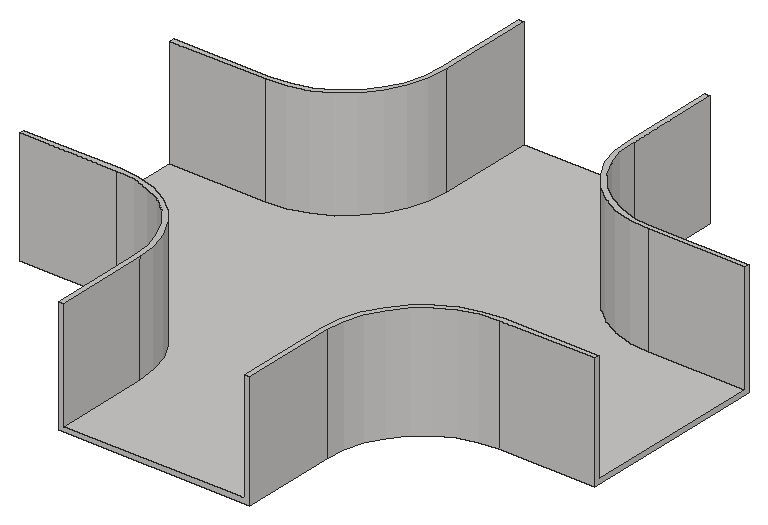
Revit family "S4R_OBO BETTERMANN_CableTray_DoubleTee_RKM FS", category Cable Tray Fittings, Revit 2012
Parameters
  Wholesaler = ""
  Watermarked By = "www.stabiplan.com"
  WIDTH3 [instance] = 100 mm
  WIDTH1 [instance] = 100 mm
  VERSION = "91900"  # constant formula
  URL = "www.stabiplan.com"
  built-in parameter 1140111 [instance] = 2.6 mm
  TYPE [instance] = "RKM FS"  # constant formula
  StabiCAD_PM = ""
  Smallest_L3_L4 [instance] = if(LENGTH3 - WIDTH1 / 2 > LENGTH4 - WIDTH1 / 2, LENGTH3 - WIDTH1 / 2, LENGTH4 - WIDTH1 / 2)  # 100 mm
  Smallest_L1_L2 [instance] = if(LENGTH1 - WIDTH3 / 2 > LENGTH2 - WIDTH3 / 2, LENGTH2 - WIDTH3 / 2, LENGTH1 - WIDTH3 / 2)  # 100 mm
  SmallestLength [instance] = if(Smallest_L1_L2 > Smallest_L3_L4, Smallest_L3_L4, Smallest_L1_L2)  # 100 mm
  RadiusWithThickness [instance] = Radius + [built-in parameter 1140111]  # 52.6 mm
  Radius Label [instance] = 490 mm  # constant formula
  Radius [instance] = 50 mm  # constant formula
  PRODUCTLINE [instance] = "OBO BETTERMANN CableTrays"  # constant formula
  Manufacturer = "OBO BETTERMANN"  # constant formula
  LENGTH4 [instance] = if(and(WIDTH1 = 100 mm, HEIGHT1 = 60 mm, WIDTH3 = 100 mm, ANGLE2 = 90.00°), 150 mm, if(and(WIDTH1 = 150 mm, HEIGHT1 = 60 mm, WIDTH3 = 150 mm, ANGLE2 = 90.00°), 175 mm, if(and(WIDTH1 = 200 mm, HEIGHT1 = 60 mm, WIDTH3 = 200 mm, ANGLE2 = 90.00°), 200 mm, if(and(WIDTH1 = 300 mm, HEIGHT1 = 60 mm, WIDTH3 = 300 mm, ANGLE2 = 90.00°), 250 mm, if(and(WIDTH1 = 400 mm, HEIGHT1 = 60 mm, WIDTH3 = 400 mm, ANGLE2 = 90.00°), 300 mm, if(and(WIDTH1 = 500 mm, HEIGHT1 = 60 mm, WIDTH3 = 500 mm, ANGLE2 = 90.00°), 350 mm, if(and(WIDTH1 = 600 mm, HEIGHT1 = 60 mm, WIDTH3 = 600 mm, ANGLE2 = 90.00°), 400 mm, if(and(WIDTH1 = 100 mm, HEIGHT1 = 110 mm, WIDTH3 = 100 mm, ANGLE2 = 90.00°), 150 mm, if(and(WIDTH1 = 150 mm, HEIGHT1 = 110 mm, WIDTH3 = 150 mm, ANGLE2 = 90.00°), 175 mm, if(and(WIDTH1 = 200 mm, HEIGHT1 = 110 mm, WIDTH3 = 200 mm, ANGLE2 = 90.00°), 200 mm, if(and(WIDTH1 = 300 mm, HEIGHT1 = 110 mm, WIDTH3 = 300 mm, ANGLE2 = 90.00°), 250 mm, if(and(WIDTH1 = 400 mm, HEIGHT1 = 110 mm, WIDTH3 = 400 mm, ANGLE2 = 90.00°), 300 mm, if(and(WIDTH1 = 500 mm, HEIGHT1 = 110 mm, WIDTH3 = 500 mm, ANGLE2 = 90.00°), 350 mm, if(and(WIDTH1 = 600 mm, HEIGHT1 = 110 mm, WIDTH3 = 600 mm, ANGLE2 = 90.00°), 400 mm, if(and(WIDTH1 = 100 mm, HEIGHT1 = 85 mm, WIDTH3 = 100 mm, ANGLE2 = 90.00°), 150 mm, if(and(WIDTH1 = 150 mm, HEIGHT1 = 85 mm, WIDTH3 = 150 mm, ANGLE2 = 90.00°), 175 mm, if(and(WIDTH1 = 200 mm, HEIGHT1 = 85 mm, WIDTH3 = 200 mm, ANGLE2 = 90.00°), 200 mm, if(and(WIDTH1 = 300 mm, HEIGHT1 = 85 mm, WIDTH3 = 300 mm, ANGLE2 = 90.00°), 250 mm, if(and(WIDTH1 = 400 mm, HEIGHT1 = 85 mm, WIDTH3 = 400 mm, ANGLE2 = 90.00°), 300 mm, if(and(WIDTH1 = 500 mm, HEIGHT1 = 85 mm, WIDTH3 = 500 mm, ANGLE2 = 90.00°), 350 mm, if(and(WIDTH1 = 600 mm, HEIGHT1 = 85 mm, WIDTH3 = 600 mm, ANGLE2 = 90.00°), 400 mm, if(and(WIDTH1 = 100 mm, HEIGHT1 = 35 mm, WIDTH3 = 100 mm, ANGLE2 = 90.00°), 150 mm, if(and(WIDTH1 = 200 mm, HEIGHT1 = 35 mm, WIDTH3 = 200 mm, ANGLE2 = 90.00°), 200 mm, if(and(WIDTH1 = 300 mm, HEIGHT1 = 35 mm, WIDTH3 = 300 mm, ANGLE2 = 90.00°), 250 mm, WIDTH3 * 2))))))))))))))))))))))))  # 150 mm
  LENGTH3 [instance] = if(and(WIDTH1 = 100 mm, HEIGHT1 = 60 mm, WIDTH3 = 100 mm, ANGLE2 = 90.00°), 150 mm, if(and(WIDTH1 = 150 mm, HEIGHT1 = 60 mm, WIDTH3 = 150 mm, ANGLE2 = 90.00°), 175 mm, if(and(WIDTH1 = 200 mm, HEIGHT1 = 60 mm, WIDTH3 = 200 mm, ANGLE2 = 90.00°), 200 mm, if(and(WIDTH1 = 300 mm, HEIGHT1 = 60 mm, WIDTH3 = 300 mm, ANGLE2 = 90.00°), 250 mm, if(and(WIDTH1 = 400 mm, HEIGHT1 = 60 mm, WIDTH3 = 400 mm, ANGLE2 = 90.00°), 300 mm, if(and(WIDTH1 = 500 mm, HEIGHT1 = 60 mm, WIDTH3 = 500 mm, ANGLE2 = 90.00°), 350 mm, if(and(WIDTH1 = 600 mm, HEIGHT1 = 60 mm, WIDTH3 = 600 mm, ANGLE2 = 90.00°), 400 mm, if(and(WIDTH1 = 100 mm, HEIGHT1 = 110 mm, WIDTH3 = 100 mm, ANGLE2 = 90.00°), 150 mm, if(and(WIDTH1 = 150 mm, HEIGHT1 = 110 mm, WIDTH3 = 150 mm, ANGLE2 = 90.00°), 175 mm, if(and(WIDTH1 = 200 mm, HEIGHT1 = 110 mm, WIDTH3 = 200 mm, ANGLE2 = 90.00°), 200 mm, if(and(WIDTH1 = 300 mm, HEIGHT1 = 110 mm, WIDTH3 = 300 mm, ANGLE2 = 90.00°), 250 mm, if(and(WIDTH1 = 400 mm, HEIGHT1 = 110 mm, WIDTH3 = 400 mm, ANGLE2 = 90.00°), 300 mm, if(and(WIDTH1 = 500 mm, HEIGHT1 = 110 mm, WIDTH3 = 500 mm, ANGLE2 = 90.00°), 350 mm, if(and(WIDTH1 = 600 mm, HEIGHT1 = 110 mm, WIDTH3 = 600 mm, ANGLE2 = 90.00°), 400 mm, if(and(WIDTH1 = 100 mm, HEIGHT1 = 85 mm, WIDTH3 = 100 mm, ANGLE2 = 90.00°), 150 mm, if(and(WIDTH1 = 150 mm, HEIGHT1 = 85 mm, WIDTH3 = 150 mm, ANGLE2 = 90.00°), 175 mm, if(and(WIDTH1 = 200 mm, HEIGHT1 = 85 mm, WIDTH3 = 200 mm, ANGLE2 = 90.00°), 200 mm, if(and(WIDTH1 = 300 mm, HEIGHT1 = 85 mm, WIDTH3 = 300 mm, ANGLE2 = 90.00°), 250 mm, if(and(WIDTH1 = 400 mm, HEIGHT1 = 85 mm, WIDTH3 = 400 mm, ANGLE2 = 90.00°), 300 mm, if(and(WIDTH1 = 500 mm, HEIGHT1 = 85 mm, WIDTH3 = 500 mm, ANGLE2 = 90.00°), 350 mm, if(and(WIDTH1 = 600 mm, HEIGHT1 = 85 mm, WIDTH3 = 600 mm, ANGLE2 = 90.00°), 400 mm, if(and(WIDTH1 = 100 mm, HEIGHT1 = 35 mm, WIDTH3 = 100 mm, ANGLE2 = 90.00°), 150 mm, if(and(WIDTH1 = 200 mm, HEIGHT1 = 35 mm, WIDTH3 = 200 mm, ANGLE2 = 90.00°), 200 mm, if(and(WIDTH1 = 300 mm, HEIGHT1 = 35 mm, WIDTH3 = 300 mm, ANGLE2 = 90.00°), 250 mm, WIDTH3 * 2))))))))))))))))))))))))  # 150 mm
  LENGTH2 [instance] = if(and(WIDTH1 = 100 mm, HEIGHT1 = 60 mm, WIDTH3 = 100 mm, ANGLE2 = 90.00°), 150 mm, if(and(WIDTH1 = 150 mm, HEIGHT1 = 60 mm, WIDTH3 = 150 mm, ANGLE2 = 90.00°), 175 mm, if(and(WIDTH1 = 200 mm, HEIGHT1 = 60 mm, WIDTH3 = 200 mm, ANGLE2 = 90.00°), 200 mm, if(and(WIDTH1 = 300 mm, HEIGHT1 = 60 mm, WIDTH3 = 300 mm, ANGLE2 = 90.00°), 250 mm, if(and(WIDTH1 = 400 mm, HEIGHT1 = 60 mm, WIDTH3 = 400 mm, ANGLE2 = 90.00°), 300 mm, if(and(WIDTH1 = 500 mm, HEIGHT1 = 60 mm, WIDTH3 = 500 mm, ANGLE2 = 90.00°), 350 mm, if(and(WIDTH1 = 600 mm, HEIGHT1 = 60 mm, WIDTH3 = 600 mm, ANGLE2 = 90.00°), 400 mm, if(and(WIDTH1 = 100 mm, HEIGHT1 = 110 mm, WIDTH3 = 100 mm, ANGLE2 = 90.00°), 150 mm, if(and(WIDTH1 = 150 mm, HEIGHT1 = 110 mm, WIDTH3 = 150 mm, ANGLE2 = 90.00°), 175 mm, if(and(WIDTH1 = 200 mm, HEIGHT1 = 110 mm, WIDTH3 = 200 mm, ANGLE2 = 90.00°), 200 mm, if(and(WIDTH1 = 300 mm, HEIGHT1 = 110 mm, WIDTH3 = 300 mm, ANGLE2 = 90.00°), 250 mm, if(and(WIDTH1 = 400 mm, HEIGHT1 = 110 mm, WIDTH3 = 400 mm, ANGLE2 = 90.00°), 300 mm, if(and(WIDTH1 = 500 mm, HEIGHT1 = 110 mm, WIDTH3 = 500 mm, ANGLE2 = 90.00°), 350 mm, if(and(WIDTH1 = 600 mm, HEIGHT1 = 110 mm, WIDTH3 = 600 mm, ANGLE2 = 90.00°), 400 mm, if(and(WIDTH1 = 100 mm, HEIGHT1 = 85 mm, WIDTH3 = 100 mm, ANGLE2 = 90.00°), 150 mm, if(and(WIDTH1 = 150 mm, HEIGHT1 = 85 mm, WIDTH3 = 150 mm, ANGLE2 = 90.00°), 175 mm, if(and(WIDTH1 = 200 mm, HEIGHT1 = 85 mm, WIDTH3 = 200 mm, ANGLE2 = 90.00°), 200 mm, if(and(WIDTH1 = 300 mm, HEIGHT1 = 85 mm, WIDTH3 = 300 mm, ANGLE2 = 90.00°), 250 mm, if(and(WIDTH1 = 400 mm, HEIGHT1 = 85 mm, WIDTH3 = 400 mm, ANGLE2 = 90.00°), 300 mm, if(and(WIDTH1 = 500 mm, HEIGHT1 = 85 mm, WIDTH3 = 500 mm, ANGLE2 = 90.00°), 350 mm, if(and(WIDTH1 = 600 mm, HEIGHT1 = 85 mm, WIDTH3 = 600 mm, ANGLE2 = 90.00°), 400 mm, if(and(WIDTH1 = 100 mm, HEIGHT1 = 35 mm, WIDTH3 = 100 mm, ANGLE2 = 90.00°), 150 mm, if(and(WIDTH1 = 200 mm, HEIGHT1 = 35 mm, WIDTH3 = 200 mm, ANGLE2 = 90.00°), 200 mm, if(and(WIDTH1 = 300 mm, HEIGHT1 = 35 mm, WIDTH3 = 300 mm, ANGLE2 = 90.00°), 250 mm, WIDTH1 * 2))))))))))))))))))))))))  # 150 mm
  LENGTH1 [instance] = if(and(WIDTH1 = 100 mm, HEIGHT1 = 60 mm, WIDTH3 = 100 mm, ANGLE2 = 90.00°), 150 mm, if(and(WIDTH1 = 150 mm, HEIGHT1 = 60 mm, WIDTH3 = 150 mm, ANGLE2 = 90.00°), 175 mm, if(and(WIDTH1 = 200 mm, HEIGHT1 = 60 mm, WIDTH3 = 200 mm, ANGLE2 = 90.00°), 200 mm, if(and(WIDTH1 = 300 mm, HEIGHT1 = 60 mm, WIDTH3 = 300 mm, ANGLE2 = 90.00°), 250 mm, if(and(WIDTH1 = 400 mm, HEIGHT1 = 60 mm, WIDTH3 = 400 mm, ANGLE2 = 90.00°), 300 mm, if(and(WIDTH1 = 500 mm, HEIGHT1 = 60 mm, WIDTH3 = 500 mm, ANGLE2 = 90.00°), 350 mm, if(and(WIDTH1 = 600 mm, HEIGHT1 = 60 mm, WIDTH3 = 600 mm, ANGLE2 = 90.00°), 400 mm, if(and(WIDTH1 = 100 mm, HEIGHT1 = 110 mm, WIDTH3 = 100 mm, ANGLE2 = 90.00°), 150 mm, if(and(WIDTH1 = 150 mm, HEIGHT1 = 110 mm, WIDTH3 = 150 mm, ANGLE2 = 90.00°), 175 mm, if(and(WIDTH1 = 200 mm, HEIGHT1 = 110 mm, WIDTH3 = 200 mm, ANGLE2 = 90.00°), 200 mm, if(and(WIDTH1 = 300 mm, HEIGHT1 = 110 mm, WIDTH3 = 300 mm, ANGLE2 = 90.00°), 250 mm, if(and(WIDTH1 = 400 mm, HEIGHT1 = 110 mm, WIDTH3 = 400 mm, ANGLE2 = 90.00°), 300 mm, if(and(WIDTH1 = 500 mm, HEIGHT1 = 110 mm, WIDTH3 = 500 mm, ANGLE2 = 90.00°), 350 mm, if(and(WIDTH1 = 600 mm, HEIGHT1 = 110 mm, WIDTH3 = 600 mm, ANGLE2 = 90.00°), 400 mm, if(and(WIDTH1 = 100 mm, HEIGHT1 = 85 mm, WIDTH3 = 100 mm, ANGLE2 = 90.00°), 150 mm, if(and(WIDTH1 = 150 mm, HEIGHT1 = 85 mm, WIDTH3 = 150 mm, ANGLE2 = 90.00°), 175 mm, if(and(WIDTH1 = 200 mm, HEIGHT1 = 85 mm, WIDTH3 = 200 mm, ANGLE2 = 90.00°), 200 mm, if(and(WIDTH1 = 300 mm, HEIGHT1 = 85 mm, WIDTH3 = 300 mm, ANGLE2 = 90.00°), 250 mm, if(and(WIDTH1 = 400 mm, HEIGHT1 = 85 mm, WIDTH3 = 400 mm, ANGLE2 = 90.00°), 300 mm, if(and(WIDTH1 = 500 mm, HEIGHT1 = 85 mm, WIDTH3 = 500 mm, ANGLE2 = 90.00°), 350 mm, if(and(WIDTH1 = 600 mm, HEIGHT1 = 85 mm, WIDTH3 = 600 mm, ANGLE2 = 90.00°), 400 mm, if(and(WIDTH1 = 100 mm, HEIGHT1 = 35 mm, WIDTH3 = 100 mm, ANGLE2 = 90.00°), 150 mm, if(and(WIDTH1 = 200 mm, HEIGHT1 = 35 mm, WIDTH3 = 200 mm, ANGLE2 = 90.00°), 200 mm, if(and(WIDTH1 = 300 mm, HEIGHT1 = 35 mm, WIDTH3 = 300 mm, ANGLE2 = 90.00°), 250 mm, WIDTH1 * 2))))))))))))))))))))))))  # 150 mm
  Internal art.no. = ""
  ISCUSTOM [instance] = if(and(WIDTH1 = 100 mm, HEIGHT1 = 60 mm, WIDTH3 = 100 mm, ANGLE2 = 90.00°), 1 = 0, if(and(WIDTH1 = 150 mm, HEIGHT1 = 60 mm, WIDTH3 = 150 mm, ANGLE2 = 90.00°), 1 = 0, if(and(WIDTH1 = 200 mm, HEIGHT1 = 60 mm, WIDTH3 = 200 mm, ANGLE2 = 90.00°), 1 = 0, if(and(WIDTH1 = 300 mm, HEIGHT1 = 60 mm, WIDTH3 = 300 mm, ANGLE2 = 90.00°), 1 = 0, if(and(WIDTH1 = 400 mm, HEIGHT1 = 60 mm, WIDTH3 = 400 mm, ANGLE2 = 90.00°), 1 = 0, if(and(WIDTH1 = 500 mm, HEIGHT1 = 60 mm, WIDTH3 = 500 mm, ANGLE2 = 90.00°), 1 = 0, if(and(WIDTH1 = 600 mm, HEIGHT1 = 60 mm, WIDTH3 = 600 mm, ANGLE2 = 90.00°), 1 = 0, if(and(WIDTH1 = 100 mm, HEIGHT1 = 110 mm, WIDTH3 = 100 mm, ANGLE2 = 90.00°), 1 = 0, if(and(WIDTH1 = 150 mm, HEIGHT1 = 110 mm, WIDTH3 = 150 mm, ANGLE2 = 90.00°), 1 = 0, if(and(WIDTH1 = 200 mm, HEIGHT1 = 110 mm, WIDTH3 = 200 mm, ANGLE2 = 90.00°), 1 = 0, if(and(WIDTH1 = 300 mm, HEIGHT1 = 110 mm, WIDTH3 = 300 mm, ANGLE2 = 90.00°), 1 = 0, if(and(WIDTH1 = 400 mm, HEIGHT1 = 110 mm, WIDTH3 = 400 mm, ANGLE2 = 90.00°), 1 = 0, if(and(WIDTH1 = 500 mm, HEIGHT1 = 110 mm, WIDTH3 = 500 mm, ANGLE2 = 90.00°), 1 = 0, if(and(WIDTH1 = 600 mm, HEIGHT1 = 110 mm, WIDTH3 = 600 mm, ANGLE2 = 90.00°), 1 = 0, if(and(WIDTH1 = 100 mm, HEIGHT1 = 85 mm, WIDTH3 = 100 mm, ANGLE2 = 90.00°), 1 = 0, if(and(WIDTH1 = 150 mm, HEIGHT1 = 85 mm, WIDTH3 = 150 mm, ANGLE2 = 90.00°), 1 = 0, if(and(WIDTH1 = 200 mm, HEIGHT1 = 85 mm, WIDTH3 = 200 mm, ANGLE2 = 90.00°), 1 = 0, if(and(WIDTH1 = 300 mm, HEIGHT1 = 85 mm, WIDTH3 = 300 mm, ANGLE2 = 90.00°), 1 = 0, if(and(WIDTH1 = 400 mm, HEIGHT1 = 85 mm, WIDTH3 = 400 mm, ANGLE2 = 90.00°), 1 = 0, if(and(WIDTH1 = 500 mm, HEIGHT1 = 85 mm, WIDTH3 = 500 mm, ANGLE2 = 90.00°), 1 = 0, if(and(WIDTH1 = 600 mm, HEIGHT1 = 85 mm, WIDTH3 = 600 mm, ANGLE2 = 90.00°), 1 = 0, if(and(WIDTH1 = 100 mm, HEIGHT1 = 35 mm, WIDTH3 = 100 mm, ANGLE2 = 90.00°), 1 = 0, if(and(WIDTH1 = 200 mm, HEIGHT1 = 35 mm, WIDTH3 = 200 mm, ANGLE2 = 90.00°), 1 = 0, if(and(WIDTH1 = 300 mm, HEIGHT1 = 35 mm, WIDTH3 = 300 mm, ANGLE2 = 90.00°), 1 = 0, 1 = 1))))))))))))))))))))))))  # no
  IFCExportType = ""
  IFCExportAs = ""
  HEIGHT1 [instance] = 60 mm
  GTINNUMBER [instance] = if(and(WIDTH1 = 100 mm, HEIGHT1 = 60 mm, WIDTH3 = 100 mm, ANGLE2 = 90.00°), "4012195927389", if(and(WIDTH1 = 150 mm, HEIGHT1 = 60 mm, WIDTH3 = 150 mm, ANGLE2 = 90.00°), "4012195927396", if(and(WIDTH1 = 200 mm, HEIGHT1 = 60 mm, WIDTH3 = 200 mm, ANGLE2 = 90.00°), "4012195927402", if(and(WIDTH1 = 300 mm, HEIGHT1 = 60 mm, WIDTH3 = 300 mm, ANGLE2 = 90.00°), "4012195927419", if(and(WIDTH1 = 400 mm, HEIGHT1 = 60 mm, WIDTH3 = 400 mm, ANGLE2 = 90.00°), "4012195927426", if(and(WIDTH1 = 500 mm, HEIGHT1 = 60 mm, WIDTH3 = 500 mm, ANGLE2 = 90.00°), "4012195927457", if(and(WIDTH1 = 600 mm, HEIGHT1 = 60 mm, WIDTH3 = 600 mm, ANGLE2 = 90.00°), "4012195927464", if(and(WIDTH1 = 100 mm, HEIGHT1 = 110 mm, WIDTH3 = 100 mm, ANGLE2 = 90.00°), "4012195928041", if(and(WIDTH1 = 150 mm, HEIGHT1 = 110 mm, WIDTH3 = 150 mm, ANGLE2 = 90.00°), "4012195928058", if(and(WIDTH1 = 200 mm, HEIGHT1 = 110 mm, WIDTH3 = 200 mm, ANGLE2 = 90.00°), "4012195928065", if(and(WIDTH1 = 300 mm, HEIGHT1 = 110 mm, WIDTH3 = 300 mm, ANGLE2 = 90.00°), "4012195928072", if(and(WIDTH1 = 400 mm, HEIGHT1 = 110 mm, WIDTH3 = 400 mm, ANGLE2 = 90.00°), "4012195928089", if(and(WIDTH1 = 500 mm, HEIGHT1 = 110 mm, WIDTH3 = 500 mm, ANGLE2 = 90.00°), "4012195928096", if(and(WIDTH1 = 600 mm, HEIGHT1 = 110 mm, WIDTH3 = 600 mm, ANGLE2 = 90.00°), "4012195928102", if(and(WIDTH1 = 100 mm, HEIGHT1 = 85 mm, WIDTH3 = 100 mm, ANGLE2 = 90.00°), "4012195927761", if(and(WIDTH1 = 150 mm, HEIGHT1 = 85 mm, WIDTH3 = 150 mm, ANGLE2 = 90.00°), "4012195927778", if(and(WIDTH1 = 200 mm, HEIGHT1 = 85 mm, WIDTH3 = 200 mm, ANGLE2 = 90.00°), "4012195927785", if(and(WIDTH1 = 300 mm, HEIGHT1 = 85 mm, WIDTH3 = 300 mm, ANGLE2 = 90.00°), "4012195927792", if(and(WIDTH1 = 400 mm, HEIGHT1 = 85 mm, WIDTH3 = 400 mm, ANGLE2 = 90.00°), "4012195927808", if(and(WIDTH1 = 500 mm, HEIGHT1 = 85 mm, WIDTH3 = 500 mm, ANGLE2 = 90.00°), "4012195927815", if(and(WIDTH1 = 600 mm, HEIGHT1 = 85 mm, WIDTH3 = 600 mm, ANGLE2 = 90.00°), "4012195927822", if(and(WIDTH1 = 100 mm, HEIGHT1 = 35 mm, WIDTH3 = 100 mm, ANGLE2 = 90.00°), "4012195929161", if(and(WIDTH1 = 200 mm, HEIGHT1 = 35 mm, WIDTH3 = 200 mm, ANGLE2 = 90.00°), "4012195929178", if(and(WIDTH1 = 300 mm, HEIGHT1 = 35 mm, WIDTH3 = 300 mm, ANGLE2 = 90.00°), "4012195929185", "Unknown"))))))))))))))))))))))))  # "4012195927389"
  ETIM article class = ""
  Description = "Horizontal CableTray Double Tee"
  DEEPLINK = "http://catalog1.obo-bettermann.com/catalogue/catalogue.do?forward=showProductGroup&act=showIO&favOid=kts_438364&action=showManyProducts&lang=de&OID=kts_438364&catId="
  Copyright = "© Stabiplan BV / Stabiplan International BV"  # constant formula
  CT4 [instance] = 1
  CT3 [instance] = 1
  CT2 [instance] = 1
  CT1 [instance] = 1
  BodyColor = Steel
  Assembly Code = ""
  ARTICLENUMBER [instance] = if(and(WIDTH1 = 100 mm, HEIGHT1 = 60 mm, WIDTH3 = 100 mm, ANGLE2 = 90.00°), "7027001", if(and(WIDTH1 = 150 mm, HEIGHT1 = 60 mm, WIDTH3 = 150 mm, ANGLE2 = 90.00°), "7027003", if(and(WIDTH1 = 200 mm, HEIGHT1 = 60 mm, WIDTH3 = 200 mm, ANGLE2 = 90.00°), "7027005", if(and(WIDTH1 = 300 mm, HEIGHT1 = 60 mm, WIDTH3 = 300 mm, ANGLE2 = 90.00°), "7027007", if(and(WIDTH1 = 400 mm, HEIGHT1 = 60 mm, WIDTH3 = 400 mm, ANGLE2 = 90.00°), "7027009", if(and(WIDTH1 = 500 mm, HEIGHT1 = 60 mm, WIDTH3 = 500 mm, ANGLE2 = 90.00°), "7027011", if(and(WIDTH1 = 600 mm, HEIGHT1 = 60 mm, WIDTH3 = 600 mm, ANGLE2 = 90.00°), "7027013", if(and(WIDTH1 = 100 mm, HEIGHT1 = 110 mm, WIDTH3 = 100 mm, ANGLE2 = 90.00°), "7027161", if(and(WIDTH1 = 150 mm, HEIGHT1 = 110 mm, WIDTH3 = 150 mm, ANGLE2 = 90.00°), "7027163", if(and(WIDTH1 = 200 mm, HEIGHT1 = 110 mm, WIDTH3 = 200 mm, ANGLE2 = 90.00°), "7027165", if(and(WIDTH1 = 300 mm, HEIGHT1 = 110 mm, WIDTH3 = 300 mm, ANGLE2 = 90.00°), "7027167", if(and(WIDTH1 = 400 mm, HEIGHT1 = 110 mm, WIDTH3 = 400 mm, ANGLE2 = 90.00°), "7027169", if(and(WIDTH1 = 500 mm, HEIGHT1 = 110 mm, WIDTH3 = 500 mm, ANGLE2 = 90.00°), "7027171", if(and(WIDTH1 = 600 mm, HEIGHT1 = 110 mm, WIDTH3 = 600 mm, ANGLE2 = 90.00°), "7027173", if(and(WIDTH1 = 100 mm, HEIGHT1 = 85 mm, WIDTH3 = 100 mm, ANGLE2 = 90.00°), "7027081", if(and(WIDTH1 = 150 mm, HEIGHT1 = 85 mm, WIDTH3 = 150 mm, ANGLE2 = 90.00°), "7027083", if(and(WIDTH1 = 200 mm, HEIGHT1 = 85 mm, WIDTH3 = 200 mm, ANGLE2 = 90.00°), "7027085", if(and(WIDTH1 = 300 mm, HEIGHT1 = 85 mm, WIDTH3 = 300 mm, ANGLE2 = 90.00°), "7027087", if(and(WIDTH1 = 400 mm, HEIGHT1 = 85 mm, WIDTH3 = 400 mm, ANGLE2 = 90.00°), "7027089", if(and(WIDTH1 = 500 mm, HEIGHT1 = 85 mm, WIDTH3 = 500 mm, ANGLE2 = 90.00°), "7027091", if(and(WIDTH1 = 600 mm, HEIGHT1 = 85 mm, WIDTH3 = 600 mm, ANGLE2 = 90.00°), "7027093", if(and(WIDTH1 = 100 mm, HEIGHT1 = 35 mm, WIDTH3 = 100 mm, ANGLE2 = 90.00°), "7027241", if(and(WIDTH1 = 200 mm, HEIGHT1 = 35 mm, WIDTH3 = 200 mm, ANGLE2 = 90.00°), "7027243", if(and(WIDTH1 = 300 mm, HEIGHT1 = 35 mm, WIDTH3 = 300 mm, ANGLE2 = 90.00°), "7027245", "Unknown"))))))))))))))))))))))))  # "7027001"
  ARTICLEDESCRIPTION [instance] = "Horizontal CableTray Double Tee"
  ANGLE2 [instance] = 90.00°  # constant formula
Reference planes
  plane 1 "Center (Front/Back)": y = 0
  plane 2: z = 0
  plane 3 "Center (Left/Right)": x = 0
  plane 4: y = 50
  plane 5: y = -50
  plane 6: z = 30
  plane 7: z = -30
  plane 8: y = -100
  plane 9: x = -50
  plane 10: x = 50
  plane 11: x = -100
  plane 12: x = 100
  plane 13: y = -47.4
  plane 14: y = 47.4
  plane 15: y = -150
  plane 16: x = -47.4
  plane 17: x = 47.4
  plane 18: x = -150
  plane 19: x = 150
  plane 20: z = -27.4
  plane 21: y = 100
  plane 22: y = 150
Forms (mm)
  Extrusion 1, solid, material "Steel" <- "BodyColor", detail levels fine
    sketch origin (0, 0, 0) x (1, 0, 0) y (0, 1, 0)
      loop
        arc (-100, -50) -> (-64.645, -64.645) -> (-50, -100) r 50
        line (-50, -100) -> (-50, -150) -> (-47.4, -150) -> (-47.4, -100)
        arc (-47.4, -100) -> (-62.806, -62.806) -> (-100, -47.4) r 52.6
        line (-100, -47.4) -> (-150, -47.4) -> (-150, -50) -> (-100, -50)
      loop
        line (100, -50) -> (150, -50) -> (150, -47.4) -> (100, -47.4)
        arc (100, -47.4) -> (62.806, -62.806) -> (47.4, -100) r 52.6
        line (47.4, -100) -> (47.4, -150) -> (50, -150) -> (50, -100)
        arc (50, -100) -> (64.645, -64.645) -> (100, -50) r 50
      loop
        arc (-50, 100) -> (-64.645, 64.645) -> (-100, 50) r 50
        line (-100, 50) -> (-150, 50) -> (-150, 47.4) -> (-100, 47.4)
        arc (-100, 47.4) -> (-62.806, 62.806) -> (-47.4, 100) r 52.6
        line (-47.4, 100) -> (-47.4, 150) -> (-50, 150) -> (-50, 100)
      loop
        line (47.4, 150) -> (47.4, 100)
        arc (47.4, 100) -> (62.806, 62.806) -> (100, 47.4) r 52.6
        line (100, 47.4) -> (150, 47.4) -> (150, 50) -> (100, 50)
        arc (100, 50) -> (64.645, 64.645) -> (50, 100) r 50
        line (50, 100) -> (50, 150) -> (47.4, 150)
    from -30 to 30
  Extrusion 2, solid, material "Steel" <- "BodyColor", detail levels fine
    sketch origin (0, 0, 0) x (1, 0, 0) y (0, 1, 0)
      loop
        arc (-100, -50) -> (-64.645, -64.645) -> (-50, -100) r 50
        line (-50, -100) -> (-50, -150) -> (50, -150) -> (50, -100)
        arc (50, -100) -> (64.645, -64.645) -> (100, -50) r 50
        line (100, -50) -> (150, -50) -> (150, 50) -> (100, 50)
        arc (100, 50) -> (64.645, 64.645) -> (50, 100) r 50
        line (50, 100) -> (50, 150) -> (-50, 150) -> (-50, 100)
        arc (-50, 100) -> (-64.645, 64.645) -> (-100, 50) r 50
        line (-100, 50) -> (-150, 50) -> (-150, -50) -> (-100, -50)
    from -30 to -27.4
  Extrusion 3, solid, material "Steel" <- "BodyColor", detail levels medium
    sketch origin (0, 0, 0) x (1, 0, 0) y (0, 1, 0)
      loop
        arc (-100, -50) -> (-64.645, -64.645) -> (-50, -100) r 50
        line (-50, -100) -> (-50, -150) -> (50, -150) -> (50, -100)
        arc (50, -100) -> (64.645, -64.645) -> (100, -50) r 50
        line (100, -50) -> (150, -50) -> (150, 50) -> (100, 50)
        arc (100, 50) -> (64.645, 64.645) -> (50, 100) r 50
        line (50, 100) -> (50, 150) -> (-50, 150) -> (-50, 100)
        arc (-50, 100) -> (-64.645, 64.645) -> (-100, 50) r 50
        line (-100, 50) -> (-150, 50) -> (-150, -50) -> (-100, -50)
    from -30 to 30
Cuts and joins
  joined: Extrusion 1, Extrusion 2
Lines and regions (mm)
  model lines, style "Coarse", detail levels coarse
    curve 1: line (-150, 0, 0) -> (150, 0, 0)
    curve 2: line (0, 0, 0) -> (0, -150, 0)
    curve 3: line (0, 150, 0) -> (0, 0, 0)
Dimensions and locks
  equal spacing: plane 4, plane 1 "Center (Front/Back)", plane 5
  "WIDTH1": plane 4 to plane 5
  equal spacing: plane 6, plane 2, plane 7
  "HEIGHT1": plane 6 to plane 7
  "Radius": plane 5 to plane 8
  equal spacing: plane 9, plane 3 "Center (Left/Right)", plane 10
  "WIDTH3": plane 9 to plane 10
  "Radius": plane 11 to plane 9
  "Radius": plane 10 to plane 12
  "built-in parameter 1140111": plane 13 to plane 5
  "built-in parameter 1140111": plane 4 to plane 14
  "built-in parameter 1140111": plane 9 to plane 16
  "built-in parameter 1140111": plane 17 to plane 10
  "built-in parameter 1140111": plane 20 to plane 7
  "Radius": plane 21 to plane 4
  "LENGTH1": plane 18 to plane 3 "Center (Left/Right)"
  "LENGTH2": plane 3 "Center (Left/Right)" to plane 19
  "LENGTH3": plane 1 "Center (Front/Back)" to plane 22
  "LENGTH4": plane 15 to plane 1 "Center (Front/Back)"
  "Radius": radius of Extrusion 1 sketch curve  (x4)
  "RadiusWithThickness": radius of Extrusion 1 sketch curve  (x4)
  "Radius": radius of Extrusion 2 sketch curve  (x4)
  "Radius": radius of Extrusion 3 sketch curve  (x4)
  aligned and locked: plane 8 to Extrusion 1 sketch curve  (x8)
  aligned and locked: plane 11 to Extrusion 1 sketch curve  (x6)
  aligned and locked: Extrusion 1 sketch curve to plane 13
  aligned and locked: plane 18 to Extrusion 1 sketch curve  (x2)
  aligned and locked: Extrusion 1 sketch curve to plane 5
  aligned and locked: Extrusion 1 sketch curve to plane 9  (x2)
  aligned and locked: plane 15 to Extrusion 1 sketch curve  (x2)
  aligned and locked: Extrusion 1 sketch curve to plane 16  (x2)
  aligned and locked: plane 16 to Extrusion 1 sketch curve
  aligned and locked: plane 9 to Extrusion 1 sketch curve
  aligned and locked: Extrusion 1 sketch curve to plane 15  (x2)
  aligned and locked: Extrusion 1 sketch curve to plane 18  (x2)
  aligned and locked: Extrusion 1 to plane 7
  aligned and locked: plane 6 to Extrusion 1
  aligned and locked: plane 12 to Extrusion 1 sketch curve  (x6)
  aligned and locked: plane 19 to Extrusion 1 sketch curve  (x3)
  aligned and locked: plane 5 to Extrusion 1 sketch curve
  aligned and locked: plane 13 to Extrusion 1 sketch curve
  aligned and locked: Extrusion 1 sketch curve to plane 19
  aligned and locked: Extrusion 1 sketch curve to plane 17
  aligned and locked: Extrusion 1 sketch curve to plane 10  (x2)
  aligned and locked: plane 10 to Extrusion 1 sketch curve
  aligned and locked: plane 17 to Extrusion 1 sketch curve  (x2)
  aligned and locked: plane 8 to Extrusion 2 sketch curve  (x4)
  aligned and locked: plane 11 to Extrusion 2 sketch curve  (x4)
  aligned and locked: plane 12 to Extrusion 2 sketch curve  (x4)
  aligned and locked: plane 18 to Extrusion 2 sketch curve  (x2)
  aligned and locked: Extrusion 2 sketch curve to plane 5
  aligned and locked: plane 4 to Extrusion 2 sketch curve
  aligned and locked: plane 5 to Extrusion 2 sketch curve
  aligned and locked: plane 19 to Extrusion 2 sketch curve  (x2)
  aligned and locked: plane 15 to Extrusion 2 sketch curve
  aligned and locked: plane 10 to Extrusion 2 sketch curve
  aligned and locked: plane 9 to Extrusion 2 sketch curve
  aligned and locked: Extrusion 2 sketch curve to plane 15
  aligned and locked: Extrusion 2 to plane 7
  aligned and locked: plane 20 to Extrusion 2
  aligned and locked: plane 8 to Extrusion 3 sketch curve  (x3)
  aligned and locked: plane 11 to Extrusion 3 sketch curve  (x4)
  aligned and locked: plane 18 to Extrusion 3 sketch curve  (x2)
  aligned and locked: Extrusion 3 sketch curve to plane 5  (x2)
  aligned and locked: plane 4 to Extrusion 3 sketch curve  (x2)
  aligned and locked: plane 5 to Extrusion 3 sketch curve
  aligned and locked: plane 12 to Extrusion 3 sketch curve  (x3)
  aligned and locked: plane 19 to Extrusion 3 sketch curve  (x2)
  aligned and locked: plane 15 to Extrusion 3 sketch curve
  aligned and locked: Extrusion 3 sketch curve to plane 10  (x2)
  aligned and locked: plane 10 to Extrusion 3 sketch curve
  aligned and locked: plane 9 to Extrusion 3 sketch curve
  aligned and locked: Extrusion 3 sketch curve to plane 15
  aligned and locked: Extrusion 3 to plane 7
  aligned and locked: plane 6 to Extrusion 3
  aligned and locked: plane 19 to curve 1
  aligned and locked: plane 1 "Center (Front/Back)" to curve 2
  aligned and locked: curve 2 to plane 3 "Center (Left/Right)"
  aligned and locked: plane 21 to Extrusion 1 sketch curve  (x6)
  aligned and locked: Extrusion 1 sketch curve to plane 14  (x2)
  aligned and locked: Extrusion 1 sketch curve to plane 4  (x2)
  aligned and locked: plane 22 to Extrusion 1 sketch curve  (x4)
  aligned and locked: plane 4 to Extrusion 1 sketch curve
  aligned and locked: plane 14 to Extrusion 1 sketch curve
  aligned and locked: plane 21 to Extrusion 3 sketch curve  (x3)
  aligned and locked: Extrusion 3 sketch curve to plane 4
  aligned and locked: plane 22 to Extrusion 3 sketch curve  (x2)
  aligned and locked: Extrusion 3 sketch curve to plane 9
  aligned and locked: plane 21 to Extrusion 2 sketch curve  (x3)
  aligned and locked: plane 22 to Extrusion 2 sketch curve  (x2)
  aligned and locked: Extrusion 2 sketch curve to plane 9
  aligned and locked: Extrusion 2 sketch curve to plane 10
  aligned and locked: Extrusion 2 sketch curve to plane 4
  aligned and locked: curve 3 to plane 3 "Center (Left/Right)"
Automatic sketch dimensions
  curve 1 to plane 18 = 0 mm
  plane 22 to curve 3 = 0 mm
  curve 2 to plane 15 = 0 mm
Connectors
  cabletrayconduit at (-150, 0, 0), driven by "HEIGHT1", driven by "WIDTH1"
    settings: on Extrusion 3, index 1, connector width 100 mm, connector height 60 mm, connector radius 304.8 mm, connector angle 0.00°, system type 32, placement type 0, profile type 1, connector reference index 2, is primary connector yes, connector utility param no, connector description ""
  cabletrayconduit at (150, 0, 0), driven by "HEIGHT1", driven by "WIDTH1"
    settings: on Extrusion 3, index 2, connector width 100 mm, connector height 60 mm, connector radius 304.8 mm, connector angle 0.00°, system type 32, placement type 0, profile type 1, connector reference index 1, is primary connector no, connector utility param no, connector description ""
  cabletrayconduit at (0, -150, 0), driven by "HEIGHT1", driven by "WIDTH3"
    settings: on Extrusion 3, index 3, connector width 100 mm, connector height 60 mm, connector radius 304.8 mm, connector angle 0.00°, system type 32, placement type 0, profile type 1, connector reference index 4, is primary connector no, connector utility param no, connector description ""
  cabletrayconduit at (0, 150, 0), driven by "HEIGHT1", driven by "WIDTH3"
    settings: on Extrusion 3, index 4, connector width 100 mm, connector height 60 mm, connector radius 304.8 mm, connector angle 0.00°, system type 32, placement type 0, profile type 1, connector reference index 3, is primary connector no, connector utility param no, connector description ""
